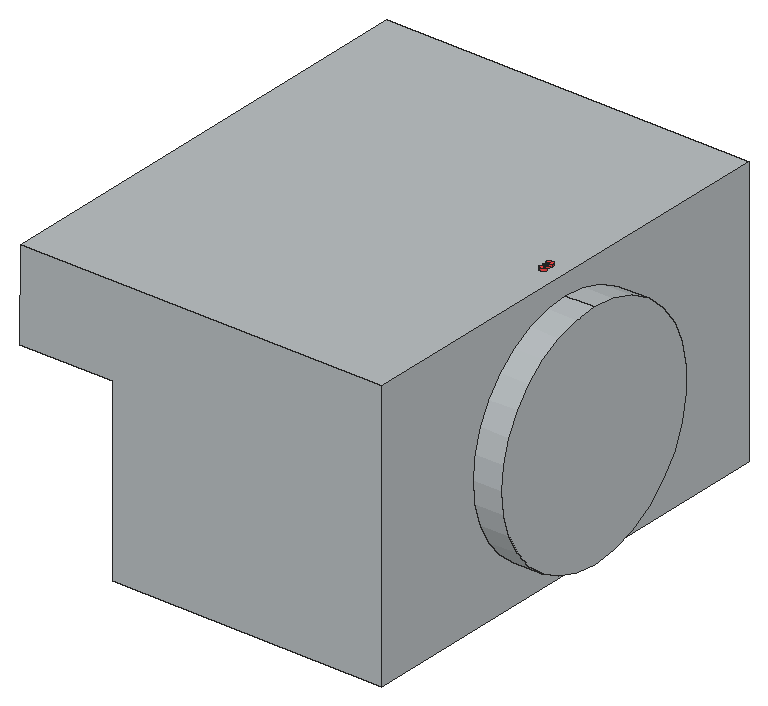
Revit family "NLRS_57_DUA_UN_plenum_for_supply_wall_grill_wto_LT_Solid_Air", category Duct Accessories, Revit 2021
Family settings
  Round Connector Dimension = Use Diameter
  Part Type = Attaches To
  Work Plane-Based = No
  Always vertical = Yes
  Cut with Voids When Loaded = No
  Shared = No
Parameters (values of type "WTOO")
  built-in parameter 1114242 [instance] = 1 = 0  # (empty or 0)
  URL = "https://solid-air.nl/producten/wto-wro/"
  SACS_Type_Mark [instance] = ""
  SACS_Real_Width [instance] = SACS_Duct_Width - 3 mm  # 622 mm
  SACS_Real_Height [instance] = SACS_Duct_Height - 3 mm  # 122 mm
  SACS_Price_Width [instance] = if(SACS_Duct_Width > 1025 mm, 1225 mm, if(SACS_Duct_Width > 825 mm, 1025 mm, if(SACS_Duct_Width > 625 mm, 825 mm, if(SACS_Duct_Width > 525 mm, 625 mm, if(SACS_Duct_Width > 425 mm, 525 mm, if(SACS_Duct_Width > 325 mm, 425 mm, if(SACS_Duct_Width > 225 mm, 325 mm, if(SACS_Price_Height = 325 mm, 325 mm, 225 mm))))))))  # 625 mm
  SACS_Price_Height [instance] = if(SACS_Duct_Height > 225 mm, 325 mm, if(SACS_Duct_Height > 125 mm, 225 mm, if(SACS_Duct_Height > 85 mm, 125 mm, if(SACS_Duct_Height > 75 mm, 85 mm, 75 mm))))  # 125 mm
  SACS_Option_2 [instance] = if([Plenum type (0-1)] < 1, "Not insulated", "Insulated")  # "Not insulated"
  SACS_Option_1_Value [instance] = if(or([Connection side (0-2)] < 1, SACS_Array_Count > 1), 0, if([Connection side (0-2)] > 1, 2, [Connection side (0-2)]))  # 0
  SACS_Option_1 [instance] = if(SACS_Option_1_Value = 0, "Back", if(SACS_Option_1_Value = 1, "Right", "Left"))  # "Back"
  SACS_Offset3 [instance] = if(SACS_Array_Count = 2, SACS_Offset2, 0 mm)  # 0 mm
  SACS_Offset2 [instance] = if(SACS_Array_Count = 3, SACS_Duct_Width / 3, if(SACS_Array_Count = 2, SACS_Duct_Width / 4, 0 mm))  # 0 mm
  SACS_Offset1 [instance] = if(SACS_Option_1_Value = 0, SACS_Length_X / 2, SACS_Duct_Width / 2)  # 182.5 mm
  SACS_Model [instance] = size_lookup(SACS_Data_Hidden, "", "WTO special", SACS_Duct_Width, SACS_Duct_Height, SACS_Index1, SACS_Index2)  # "WTOOAU 625x125 D=315"
  SACS_Length_X [instance] = size_lookup(SACS_Data_Hidden, "C", 125 mm, SACS_Price_Width, SACS_Price_Height)  # 365 mm
  SACS_Index2 [instance] = if([Plenum type (0-1)] < 1, 0 mm, 1 mm)  # 0 mm
  SACS_Index1 [instance] = SACS_Option_1_Value * 1 mm  # 0 mm
  SACS_Height2 [instance] = size_lookup(SACS_Data_Hidden, "K", 125 mm, SACS_Price_Width, SACS_Price_Height)  # 365 mm
  SACS_Dummy = 1  # constant formula
  SACS_Duct_Width [instance] = if(NLRS_M_c01_breedte < 225 mm, 225 mm, if(NLRS_M_c01_breedte > 1225 mm, 1225 mm, NLRS_M_c01_breedte))  # 625 mm
  SACS_Duct_Height [instance] = if(NLRS_M_c01_hoogte < 75 mm, 75 mm, if(NLRS_M_c01_hoogte > 325 mm, 325 mm, NLRS_M_c01_hoogte))  # 125 mm
  SACS_Diameter [instance] = NLRS_M_c02_diameter - 2 mm  # 313 mm
  SACS_Data_Hidden = "WTO"  # constant formula
  SACS_Article_Code [instance] = size_lookup(SACS_Data_Hidden, "Artikelcode", "NB", SACS_Duct_Width, SACS_Duct_Height, SACS_Index1, SACS_Index2)  # "8301000995"
  SACS_Array_Count [instance] = size_lookup(SACS_Data_Hidden, "Count", 1, SACS_Price_Width, SACS_Price_Height)  # 1
  SACS_Angle1 [instance] = if(SACS_Option_1_Value = 0, 90.00°, if(SACS_Option_1_Value = 1, 180.00°, 0.00°))  # 90.00°
  SACS_Air_Flow2 [instance] = SACS_Air_Flow / SACS_Array_Count  # 0.0 L/s
  SACS_Air_Flow [instance] = 0.0 L/s
  Plenum type (0-1) [instance] = 0
  NLRS_M_c02_diameter [instance] = size_lookup(SACS_Data_Hidden, "D", 125 mm, SACS_Price_Width, SACS_Price_Height)  # 315 mm
  NLRS_M_c01_hoogte [instance] = 125 mm
  NLRS_M_c01_debiet [instance] = SACS_Air_Flow * SACS_Dummy  # 0.0 L/s
  NLRS_M_c01_breedte [instance] = 625 mm
  NLRS_C_model [instance] = SACS_Model  # "WTOOAU 625x125 D=315"
  NLRS_C_lengte [instance] = size_lookup(SACS_Data_Hidden, "L", 200 mm, SACS_Price_Width, SACS_Price_Height)  # 490 mm
  NLRS_C_description = Description  # "WTO, plenum for wall grill"
  NLRS_C_content_versie = "3.21.01"  # constant formula
  NLRS_C_content_provider = "Solid Air Climate Solutions"  # constant formula
  NLRS_C_content_datum_gewijzigd = "02-12-2024"  # constant formula
  NLRS_C_content_creator = "J.Feeke"  # constant formula
  Model = "WTO, plenum for wall grill"  # constant formula
  Manufacturer = "Solid Air Climate Solutions"  # constant formula
  Description = "WTO, plenum for wall grill"  # constant formula
  Default Elevation = 0 mm
  Connection side (0-2) [instance] = 0
  Assembly Code = "57.00"
Reference planes
  plane 1 "Center (Front/Back)": y = 0
  plane 2: z = 0
  plane 3 "Center (Left/Right)": x = 10
  plane 4 "Top": z = 61
  plane 5: z = -61
  plane 6: x = 500
  plane 7 "Bottom": z = -304
  plane 8: y = 311
  plane 9: y = -311
  plane 10: x = 135
  plane 11 "Center_c02": z = -121.5
  plane 12: x = 317.5
Forms (mm)
  Extrusion 1, solid, material "NLRS_57_sendzimir verzinkt_gen_sacs"
    sketch origin (0, 0, 0) x (1, 0, 0) y (0, 0, 1)
      loop
        line (500, -304) -> (500, 61) -> (10, 61) -> (10, -61) -> (135, -61) -> (135, -304) -> (500, -304)
    from -311 to 311
  Extrusion 2, solid, material "NLRS_57_sendzimir verzinkt_gen_sacs"
    sketch origin (500, 0, -121.5) x (0, 0, 1) y (0, -1, 0)
      loop
        circle (0, 0) r 156.5
    from 0 to 40
  Extrusion 3, solid, material "NLRS_57_sendzimir verzinkt_gen_sacs"
    sketch origin (500, 0, -121.5) x (0, 0, 1) y (0, -1, 0)
      loop
        circle (0, 0) r 156.5
    from 0 to 40
  Extrusion 4, solid, material "NLRS_57_sendzimir verzinkt_gen_sacs"
    sketch origin (500, 0, -121.5) x (0, 0, 1) y (0, -1, 0)
      loop
        circle (0, 0) r 156.5
    from 0 to 40
Lines and regions (mm)
  reference lines
    curve 1: line (317.5, 0, -121.5) -> (500, 0, -121.5)
    curve 2: line (317.5, 0, -121.5) -> (500, 0, -121.5)
    curve 3: line (317.5, 0, -121.5) -> (500, 0, -121.5)
Dimensions and locks
  equal spacing: plane 4 "Top", level, plane 5
  "SACS_Real_Height": plane 4 "Top" to plane 5
  "SACS_Height2": plane 4 "Top" to plane 7 "Bottom"
  equal spacing: plane 8, plane 1 "Center (Front/Back)", plane 9
  "SACS_Real_Width": plane 8 to plane 9
  "SACS_Length_X": plane 6 to plane 10
  "NLRS_C_lengte": plane 6 to plane 3 "Center (Left/Right)"
  equal spacing: plane 4 "Top", plane 11 "Center_c02", plane 7 "Bottom"
  equal spacing: plane 6, plane 12, plane 10
  locked: Extrusion 2 sketch curve to curve 1
  "SACS_Offset1": curve 1 to curve 1
  plane 10 to plane 3 "Center (Left/Right)" = 125 mm
  locked: Extrusion 3 sketch curve to curve 2
  locked: Extrusion 4 sketch curve to curve 3
  locked: plane 12 to curve 3
  "SACS_Offset3": plane 1 "Center (Front/Back)" to curve 3
  locked: plane 12 to curve 2
  locked: plane 12 to curve 1
  "SACS_Offset2": curve 1 to plane 1 "Center (Front/Back)"
  "SACS_Offset2": plane 1 "Center (Front/Back)" to curve 2
  "SACS_Offset1": curve 3 to curve 3
  "SACS_Offset1": curve 2 to curve 2
  locked: nested 1 to plane 6 at 25
  locked: nested 2 to plane 6 at 25
  "SACS_Diameter": diameter of Extrusion 2 sketch curve
  "SACS_Diameter": diameter of Extrusion 3 sketch curve
  "SACS_Diameter": diameter of Extrusion 4 sketch curve
  "SACS_Angle1": angle plane 12 to curve 1
  "SACS_Angle1": angle plane 12 to curve 3
  "SACS_Angle1": angle plane 12 to curve 2
  aligned and locked: level to plane 2
  aligned and locked: plane 8 to Extrusion 1
  aligned and locked: Extrusion 1 to plane 9
  aligned and locked: Extrusion 1 sketch curve to plane 6
  aligned and locked: plane 7 "Bottom" to Extrusion 1 sketch curve
  aligned and locked: Extrusion 1 sketch curve to plane 4 "Top"
  aligned and locked: plane 5 to Extrusion 1 sketch curve
  aligned and locked: plane 10 to Extrusion 1 sketch curve
  aligned and locked: plane 3 "Center (Left/Right)" to Extrusion 1 sketch curve
  aligned and locked: nested 1 to plane 1 "Center (Front/Back)"
  aligned and locked: nested 2 to plane 1 "Center (Front/Back)"
Nested families
  nested 1: "logo_single" at (475, 0, 61) x (0, 1, 0) z (0, 0, 1), type "logo_single"
  nested 2: "logo_single" at (475, 0, -306) x (0, 1, 0) z (0, 0, 1), type "logo_single"
Connectors
  hvac at (10, 0, 0), driven by "NLRS_M_c01_hoogte", driven by "NLRS_M_c01_breedte", driven by "SACS_Air_Flow"
    settings: on Extrusion 1, index 1, duct flow 0.0 L/s, flow factor 0, pres drop 0.0 Pa, loss coef 0, conn angle 0.00°, conn width 625 mm, conn height 125 mm, conn diameter 609.6 mm, duct sys type 1, conn prof type 1, flow config 0, flow direction 2, loss method 0, conn ref index 3, conn util no, is conn primary yes, conn desc ""
  hvac at (500, 0, -121.5), driven by "NLRS_M_c02_diameter", driven by "SACS_Air_Flow2"
    settings: on Extrusion 2, index 2, duct flow 0.0 L/s, flow factor 0, pres drop 0.0 Pa, loss coef 0, conn angle 0.00°, conn width 304.8 mm, conn height 304.8 mm, conn diameter 315 mm, duct sys type 1, conn prof type 0, flow config 1, flow direction 1, loss method 0, conn ref index -1, conn util no, is conn primary no, conn desc ""
  hvac at (500, 0, -121.5), driven by "NLRS_M_c02_diameter", driven by "SACS_Air_Flow2"
    settings: on Extrusion 4, index 3, duct flow 0.0 L/s, flow factor 0, pres drop 0.0 Pa, loss coef 0, conn angle 0.00°, conn width 304.8 mm, conn height 304.8 mm, conn diameter 315 mm, duct sys type 1, conn prof type 0, flow config 1, flow direction 1, loss method 0, conn ref index 1, conn util no, is conn primary no, conn desc ""
  hvac at (500, 0, -121.5), driven by "NLRS_M_c02_diameter", driven by "SACS_Air_Flow2"
    settings: on Extrusion 3, index 4, duct flow 0.0 L/s, flow factor 0, pres drop 0.0 Pa, loss coef 0, conn angle 0.00°, conn width 304.8 mm, conn height 304.8 mm, conn diameter 315 mm, duct sys type 1, conn prof type 0, flow config 1, flow direction 1, loss method 0, conn ref index -1, conn util no, is conn primary no, conn desc ""
Definition of nested family "logo_single"
  Parameters (values of type "logo_single")
    t = 5 mm
    Model = "LOD 400"
    Description = "Model type"
    Default Elevation = 1219.2 mm
  Reference planes
    plane 1 "Center (Front/Back)": y = 0
    plane 2: z = 0
    plane 3 "Center (Left/Right)": x = 0
    plane 4: z = 2
    plane 5: x = -10
    plane 6: y = -5
    plane 7: y = 5
    plane 8: x = -5
    plane 9: x = 5
    plane 10: x = 10
  Forms (mm)
    Extrusion 1, solid
      sketch origin (-547.644, -297.937, 0) x (1, 0, 0) y (0, 1, 0)
        loop
          arc (542.644, 302.937) -> (537.644, 297.937) -> (542.644, 292.937) r 5
          line (542.644, 292.937) -> (542.644, 297.937) -> (547.644, 292.937) -> (547.644, 297.937) -> (542.644, 302.937)
      from 0 to 2
    Extrusion 2, solid
      sketch origin (0, 0, 0) x (1, 0, 0) y (0, 1, 0)
        loop
          arc (5, -5) -> (10, 0) -> (5, 5) r 5
          line (5, 5) -> (5, 0) -> (0, 5) -> (0, 0) -> (5, -5)
      from 0 to 2
  Dimensions and locks
    "t": plane 7 to plane 1 "Center (Front/Back)"
    "t": plane 6 to plane 1 "Center (Front/Back)"
    "t": plane 5 to plane 8
    "t": plane 8 to plane 3 "Center (Left/Right)"
    "t": plane 3 "Center (Left/Right)" to plane 9
    "t": plane 9 to plane 10
    aligned and locked: level to plane 2
    aligned and locked: plane 4 to Extrusion 1
  Automatic sketch dimensions
    plane 1 "Center (Front/Back)" to Extrusion 1 sketch curve = 0 mm  (x3)
    Extrusion 1 sketch curve to plane 8 = 0 mm
    Extrusion 1 sketch curve to plane 7 = 0 mm
    Extrusion 1 sketch curve to plane 3 "Center (Left/Right)" = 0 mm
    Extrusion 1 sketch curve to plane 6 = 0 mm
    Extrusion 2 sketch curve to plane 3 "Center (Left/Right)" = 0 mm
    plane 1 "Center (Front/Back)" to Extrusion 2 sketch curve = 0 mm  (x3)
    Extrusion 2 sketch curve to plane 6 = 0 mm
    Extrusion 2 sketch curve to plane 9 = 0 mm
    Extrusion 2 sketch curve to plane 7 = 0 mm
